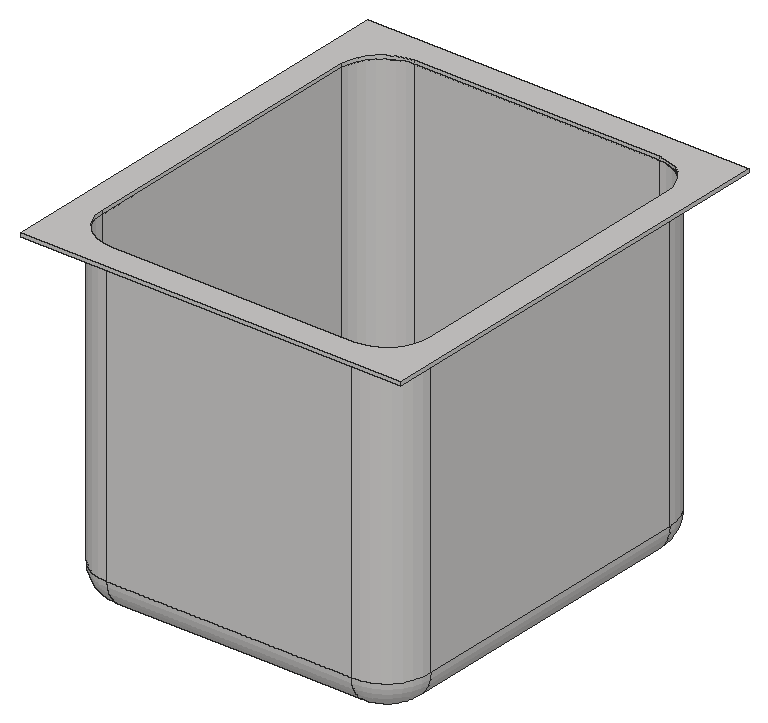
Revit family "QF_Vollrath_12121-1", category Specialty Equipment, Revit 2016
Family settings
  Part Type = Normal
  Round Connector Dimension = Use Diameter
  OmniClass Number = 23.40.40.14.31
  OmniClass Title = Cleaning and Disposal Equipment
  Work Plane-Based = Yes
  Always vertical = Yes
  Cut with Voids When Loaded = No
  Shared = No
  Room Calculation Point = No
Parameters
  Width = 1' - 2"
  Weight in Pounds = 0
  Watermarked By = "http://revitwatermark.com"
  URL Cutsheet = ""
  Status [instance] = ""
  Specification by User [instance] = ""
  Specification by Manufacturer [instance] = ""
  Sink Width = 1' - 0"
  Sink Depth = 1' - 2"
  Sink Basin Depth = 1' - 0"
  Serial Number [instance] = ""
  Seismic Rating [instance] = ""
  SMACNA No [instance] = ""
  Revision Code [instance] = ""
  NAFEM Spec ID Number [instance] = ""
  Model = "12121-1"
  Masterspec [instance] = ""
  Manufacturer = "Vollrath"
  Item Number [instance] = "-"
  Installed By [instance] = ""
  Indirect Waste Size = 2"
  Indirect Waste Flow [instance] = 0.00 GPM
  Indirect Waste Connection Type [instance] = ""
  Indirect Waste Connection Height [instance] = 0' - 0"
  Furnished By [instance] = ""
  Foodservice Equipment Identifier [instance] = yes
  Description = "Undermount Sink"  # constant formula
  Depth = 1' - 4"
  Default Elevation = 4' - 0"
  CSI MasterFormat = ""
Reference planes (in)
  plane 1 "BACK": y = 0
  plane 2 "BOTTOM": z = 0
  plane 3 "LEFT": x = 0
  plane 4 "RIGHT": x = 14
  plane 5 "FRONT": y = -16
  plane 6: x = 7
  plane 7: y = -8
  plane 8: y = -1
  plane 9: y = -15
  plane 10: x = 1
  plane 11: x = 13
  plane 12 "Sink Bottom": z = -12
  plane 13: y = -5.6875
Forms (in)
  Sweep 1, solid, material "QF_Finishes_Stainless Steel"
    path origin (0, 0, 0) x (1, 0, 0) y (0, 1, 0)
      loop
        arc (2.5, -1) -> (1.43934, -1.43934) -> (1, -2.5) r 1.5
        line (1, -2.5) -> (1, -13.5)
        arc (1, -13.5) -> (1.43934, -14.56066) -> (2.5, -15) r 1.5
        line (2.5, -15) -> (11.5, -15)
        arc (11.5, -15) -> (12.56066, -14.56066) -> (13, -13.5) r 1.5
        line (13, -13.5) -> (13, -2.5)
        arc (13, -2.5) -> (12.56066, -1.43934) -> (11.5, -1) r 1.5
        line (11.5, -1) -> (2.5, -1)
    profile origin (7, -1, 0) x (0, 1, 0) y (0, 0, 1)
      loop
        line (0, 0) -> (0, -10.875)
        arc (0, -10.875) -> (-0.29289, -11.58211) -> (-1, -11.875) r 1
        line (-1, -11.875) -> (-1, -12)
        arc (-1, -12) -> (-0.2045, -11.6705) -> (0.125, -10.875) r 1.125
        line (0.125, -10.875) -> (0.125, 0) -> (0, 0)
  Extrusion 2, solid, material "QF_Finishes_Stainless Steel"
    sketch origin (0, 0, 0) x (1, 0, 0) y (0, 1, 0)
      loop
        arc (1, -13.5) -> (1.43934, -14.56066) -> (2.5, -15) r 1.5
        line (2.5, -15) -> (11.5, -15)
        arc (11.5, -15) -> (12.56066, -14.56066) -> (13, -13.5) r 1.5
        line (13, -13.5) -> (13, -2.5)
        arc (13, -2.5) -> (12.56066, -1.43934) -> (11.5, -1) r 1.5
        line (11.5, -1) -> (2.5, -1)
        arc (2.5, -1) -> (1.43934, -1.43934) -> (1, -2.5) r 1.5
        line (1, -2.5) -> (1, -13.5)
      loop
        line (0, -16) -> (14, -16) -> (14, 0) -> (0, 0) -> (0, -16)
    from 0 to 0.125
  Extrusion 3, solid, material "QF_Finishes_Stainless Steel"
    sketch origin (0, 0, -12) x (-1, 0, 0) y (0, -1, 0)
      loop
        line (-11.5, 2) -> (-2.5, 2)
        arc (-2.5, 2) -> (-2.14645, 2.14645) -> (-2, 2.5) r 0.5
        line (-2, 2.5) -> (-2, 13.5)
        arc (-2, 13.5) -> (-2.14645, 13.85355) -> (-2.5, 14) r 0.5
        line (-2.5, 14) -> (-11.5, 14)
        arc (-11.5, 14) -> (-11.85355, 13.85355) -> (-12, 13.5) r 0.5
        line (-12, 13.5) -> (-12, 2.5)
        arc (-12, 2.5) -> (-11.85355, 2.14645) -> (-11.5, 2) r 0.5
      loop
        circle (-7, 5.6875) r 1.75
    from 0 to 0.125
Lines and regions (in)
  symbolic lines
    curve 1: line (0, 0, -12) -> (14, 0, -12)
    curve 2: line (0, -16, -12) -> (0, 0, -12)
    curve 3: line (14, -16, -12) -> (0, -16, -12)
    curve 4: line (14, 0, -12) -> (14, -16, -12)
  symbolic lines, style "QF_Surface Details"
    curve 5: circle (7, -5.6875, -12) r 1.75 normal (0, 0, -1)
    curve 6: line (11.5, -1, -12) -> (2.5, -1, -12)
    curve 7: arc (1, -2.5, -12) -> (1.43934, -1.43934, -12) -> (2.5, -1, -12) r 1.5
    curve 8: line (1, -2.5, -12) -> (1, -13.5, -12)
    curve 9: arc (2.5, -15, -12) -> (1.43934, -14.56066, -12) -> (1, -13.5, -12) r 1.5
    curve 10: line (2.5, -15, -12) -> (11.5, -15, -12)
    curve 11: arc (13, -13.5, -12) -> (12.56066, -14.56066, -12) -> (11.5, -15, -12) r 1.5
    curve 12: line (13, -13.5, -12) -> (13, -2.5, -12)
    curve 13: arc (11.5, -1, -12) -> (12.56066, -1.43934, -12) -> (13, -2.5, -12) r 1.5
Dimensions and locks (in)
  "Width": plane 3 "LEFT" to plane 4 "RIGHT"
  "Depth": plane 5 "FRONT" to plane 1 "BACK"
  "Sink Depth": plane 8 to plane 9
  equal spacing: plane 3 "LEFT", plane 6, plane 4 "RIGHT"
  equal spacing: plane 10, plane 6, plane 11
  "Sink Width": plane 10 to plane 11
  "Sink Basin Depth": level to plane 12 "Sink Bottom"
  level to Sweep 1 sketch curve = 0' - 0"
  locked: Sweep 1 sketch curve to plane 8 at 0.125
  locked: plane 12 "Sink Bottom" to Sweep 1 sketch curve at 0.125
  equal spacing: plane 8, plane 7, plane 9
  plane 1 "BACK" to plane 8 = 0' - 1"
  plane 9 to plane 5 "FRONT" = 0' - 1"
  locked: plane 3 "LEFT" to plane 10 at 1
  plane 11 to plane 4 "RIGHT" = 0' - 1"
  plane 8 to plane 13 = 0' - 4 11/16"
  aligned and locked: level to plane 2 "BOTTOM"
  aligned and locked: Sweep 1 sketch curve to plane 8
  aligned and locked: plane 10 to Sweep 1 sketch curve
  aligned and locked: plane 9 to Sweep 1 sketch curve
  aligned and locked: Sweep 1 sketch curve to plane 11
  aligned and locked: plane 8 to Sweep 1 sketch curve
  aligned and locked: plane 12 "Sink Bottom" to Sweep 1 sketch curve
  aligned and locked: Extrusion 2 sketch curve to Sweep 1  (x4)
  aligned and locked: Extrusion 2 sketch curve to plane 3 "LEFT"
  aligned and locked: plane 5 "FRONT" to Extrusion 2 sketch curve
  aligned and locked: plane 4 "RIGHT" to Extrusion 2 sketch curve
  aligned and locked: Extrusion 2 sketch curve to plane 1 "BACK"
  aligned and locked: Extrusion 3 sketch curve to Sweep 1  (x4)
Automatic sketch dimensions
  plane 10 to Sweep 1 sketch curve = 0' - 1 1/2"  (x2)
  Sweep 1 sketch curve to plane 11 = 0' - 1 1/2"
  Sweep 1 sketch curve to plane 8 = 0' - 1 1/2"
  Sweep 1 sketch curve to Sweep 1 sketch curve = 0' - 1"
  plane 10 to Extrusion 2 sketch curve = 0' - 1 1/2"
  Extrusion 2 sketch curve to plane 8 = 0' - 1 1/2"
  Extrusion 2 sketch curve to plane 11 = 0' - 1 1/2"  (x2)
  Extrusion 3 sketch curve to plane 6 = 0' - 0"
  Extrusion 3 sketch curve to plane 13 = 0' - 0"
  Extrusion 3 sketch curve to Extrusion 3 sketch curve = 0' - 0 1/2"  (x4)
  plane 1 "BACK" to curve 1 = 0' - 0"
  curve 1 to plane 4 "RIGHT" = 0' - 0"
  curve 5 to plane 6 = 0' - 0"
  curve 2 to plane 3 "LEFT" = 0' - 0"
  curve 5 to plane 13 = 0' - 0"
  plane 5 "FRONT" to curve 2 = 0' - 0"
  curve 6 to plane 8 = 0' - 0"
  curve 7 to plane 10 = 0' - 0"
  plane 10 to curve 7 = 0' - 1 1/2"
  plane 9 to curve 8 = 0' - 1 1/2"
  curve 9 to plane 9 = 0' - 0"
  curve 10 to plane 11 = 0' - 1 1/2"
  curve 11 to plane 11 = 0' - 0"
  curve 12 to plane 8 = 0' - 1 1/2"
  radius of Extrusion 3 sketch curve = 0' - 1 3/4"
  radius of curve 5 = 0' - 1 3/4"
Connectors (in)
  piping at (7, -5.6875, -12), diameter 2, driven by "Indirect Waste Flow"
    settings: on Extrusion 3, index 1, connector inside diameter 2", connector length 0' - 0", flow factor 0, pipe flow 0.00 GPM, pressure drop 0.00 psi, fitting loss kfactor 0, connector angle 0.00°, fixture units 0, engagement length 0' - 0", angle of deflection 0.00°, flow configuration 1, flow direction 1, fitting loss method 0, system type 16, joint type 0, gender type 0, connector reference index -1, connector utility 0, adjustable connector no, is connector primary yes, connector description "IW"
